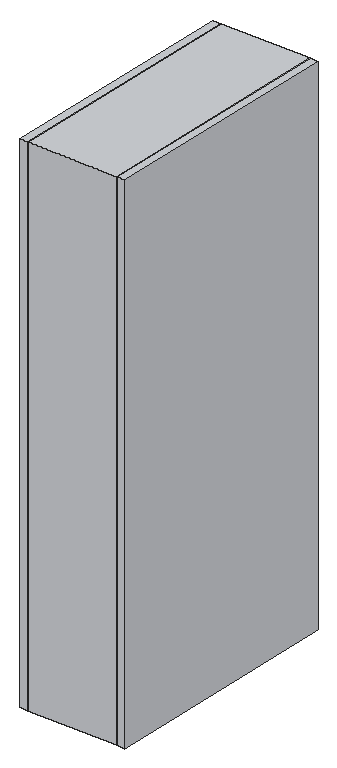
Revit family "WENGER 7-SHELF MUSIC LIBRARY (SINGE UNIT)", category Generic Models, Revit 2012
Parameters
  URL = "http://www.wengercorp.com/Home/Contact.html"
  Model = "7-SHELF"
  Manufacturer = "WENGER CORPORATION"
  Keynote = "WENGER MUSIC LIBRARY SYSTEM"
  HEIGHT = 7' - 8"
  ECP WIDTH = 0' - 1 1/2"
  ECP SPACING = 1' - 4"  # constant formula
  Description = "MUSIC LIBRARY SYSTEM"
Reference planes (in)
  plane 1 "Center (Front/Back)": y = 0
  plane 2: z = 0
  plane 3 "Center (Left/Right)": x = 0
  plane 4 "BACK": y = 21.75
  plane 5 "FRONT": y = -21.75
  plane 6 "LEFT ECP INSIDE": x = -8
  plane 7 "LEFT ECP OUTSIDE": x = -9.5
  plane 8 "RIGHT ECP INSIDE": x = 8
  plane 9 "RIGHT ECP OUTSIDE": x = 9.5
  plane 10: z = 92
Forms (in)
  Extrusion 1, solid
    sketch origin (0, 0, 0) x (1, 0, 0) y (0, 1, 0)
      loop
        line (-9.5, 21.75) -> (-9.5, -21.75) -> (-8, -21.75) -> (-8, 21.75) -> (-9.5, 21.75)
      loop
        line (8, 21.75) -> (8, -21.75) -> (9.5, -21.75) -> (9.5, 21.75) -> (8, 21.75)
    from 0 to 92
Dimensions and locks (in)
  "ECP WIDTH": plane 7 "LEFT ECP OUTSIDE" to plane 6 "LEFT ECP INSIDE"
  "ECP WIDTH": plane 8 "RIGHT ECP INSIDE" to plane 9 "RIGHT ECP OUTSIDE"
  equal spacing: plane 6 "LEFT ECP INSIDE", plane 3 "Center (Left/Right)", plane 8 "RIGHT ECP INSIDE"
  "ECP SPACING": plane 6 "LEFT ECP INSIDE" to plane 8 "RIGHT ECP INSIDE"
  equal spacing: plane 4 "BACK", plane 1 "Center (Front/Back)", plane 5 "FRONT", locked at 21.75 each
  locked: plane 4 "BACK" to plane 5 "FRONT" at 43.5
  "HEIGHT": plane 10 to plane 2
  aligned and locked: plane 2 to level
  aligned and locked: Extrusion 1 sketch curve to plane 4 "BACK"  (x2)
  aligned and locked: plane 7 "LEFT ECP OUTSIDE" to Extrusion 1 sketch curve
  aligned and locked: plane 5 "FRONT" to Extrusion 1 sketch curve  (x2)
  aligned and locked: Extrusion 1 sketch curve to plane 6 "LEFT ECP INSIDE"
  aligned and locked: plane 8 "RIGHT ECP INSIDE" to Extrusion 1 sketch curve
  aligned and locked: Extrusion 1 sketch curve to plane 9 "RIGHT ECP OUTSIDE"
  aligned and locked: Extrusion 1 to plane 2
  aligned and locked: plane 4 "BACK" to nested 1
  aligned and locked: plane 6 "LEFT ECP INSIDE" to nested 1
  aligned and locked: Extrusion 1 to nested 1
Nested families (in)
  nested 1: "7-SHELF, 1-UNIT" at (0, 0, 0), type "7-SHELF, 1-UNIT"
Definition of nested family "7-SHELF, 1-UNIT"
  Parameters (values of type "7-SHELF, 1-UNIT")
    HEIGHT = 7' - 8"
    Cabinet Label = Labels : 7-SHELF
  Reference planes (in)
    plane 1 "Center (Front/Back)": y = 0
    plane 2 "BOTTOM": z = 0
    plane 3 "Center (Left/Right)": x = 0
    plane 4 "RIGHT": x = 8
    plane 5 "LEFT": x = -8
    plane 6 "BACK": y = 21.75
    plane 7 "FRONT": y = -21.75
    plane 8 "OPEN POSITION": y = -58.24743
    plane 9 "TOP": z = 92
    plane 10: x = -3.5
    plane 11: x = 3.5
    plane 12 "FRONT DETAIL 1": z = 54
    plane 13 "FRONT DETAIL 2": z = 52.5
    plane 14 "FRONT DETAIL 3": z = 46
    plane 15: x = -1.5
    plane 16: x = 1.5
  Forms (in)
    Extrusion 1, solid
      sketch origin (0, 0, 0) x (1, 0, 0) y (0, 1, 0)
        loop
          line (-8, 21.75) -> (-8, -21.75) -> (8, -21.75) -> (8, 21.75) -> (-8, 21.75)
      from 0 to 92
  Lines and regions (in)
    model lines, style "GenericModelHiddenLines"
      curve 1: line (-8, -21.75, 0) -> (-8, -58.24743, 0)
      curve 2: line (-8, -58.24743, 0) -> (8, -58.24743, 0)
      curve 3: line (8, -58.24743, 0) -> (8, -21.75, 0)
    model lines, style "GenericModel"
      curve 4: line (-1.5, -21.75, 54) -> (1.5, -21.75, 54)
      curve 5: line (1.5, -21.75, 54) -> (1.5, -21.75, 52.5)
      curve 6: line (1.5, -21.75, 52.5) -> (-1.5, -21.75, 52.5)
      curve 7: line (-1.5, -21.75, 52.5) -> (-1.5, -21.75, 54)
      curve 8: line (-3.5, -21.75, 46) -> (3.5, -21.75, 46)
  Dimensions and locks (in)
    equal spacing: plane 5 "LEFT", plane 3 "Center (Left/Right)", plane 4 "RIGHT"
    locked: plane 5 "LEFT" to plane 4 "RIGHT" at 16
    equal spacing: plane 6 "BACK", plane 1 "Center (Front/Back)", plane 7 "FRONT"
    plane 6 "BACK" to plane 7 "FRONT" to plane 8 "OPEN POSITION" = 3' - 7 1/2" locked, 3' - 0.49743" locked
    "HEIGHT": plane 2 "BOTTOM" to plane 9 "TOP"
    plane 12 "FRONT DETAIL 1" to plane 13 "FRONT DETAIL 2" to plane 14 "FRONT DETAIL 3" to plane 2 "BOTTOM" = 0' - 1 1/2" locked, 0' - 6 1/2" locked, 3' - 10" locked
    plane 11 to plane 16 to plane 15 to plane 10 to plane 5 "LEFT" = 0' - 2" locked, 0' - 3" locked, 0' - 2" locked, 0' - 4 1/2" locked
    aligned and locked: plane 2 "BOTTOM" to level
    aligned and locked: Extrusion 1 sketch curve to plane 6 "BACK"
    aligned and locked: plane 5 "LEFT" to Extrusion 1 sketch curve
    aligned and locked: plane 7 "FRONT" to Extrusion 1 sketch curve
    aligned and locked: Extrusion 1 sketch curve to plane 4 "RIGHT"
    aligned and locked: Extrusion 1 to plane 2 "BOTTOM"
    aligned and locked: Extrusion 1 to plane 9 "TOP"
    aligned and locked: curve 1 to plane 5 "LEFT"
    aligned and locked: curve 2 to plane 8 "OPEN POSITION"
    aligned and locked: plane 4 "RIGHT" to curve 3
    aligned and locked: curve 8 to plane 14 "FRONT DETAIL 3"
    aligned and locked: plane 11 to curve 8
    aligned and locked: plane 10 to curve 8
    aligned and locked: plane 15 to curve 7
    aligned and locked: curve 5 to plane 16
    aligned and locked: curve 4 to plane 12 "FRONT DETAIL 1"
    aligned and locked: plane 13 "FRONT DETAIL 2" to curve 6
  Automatic sketch dimensions
    curve 3 to plane 7 "FRONT" = 0' - 0"
    curve 1 to plane 7 "FRONT" = 0' - 0"
  Nested families (in)
    nested 1: "Labels" at (0, 0, 0) x (0, 1, 0) z (0, 0, 1), type <- "Cabinet Label", type "7-SHELF"
  Definition of nested family "Labels"
    Parameters (values of type "6-SHELF")
      Cabinet Label = "6-SHELF"
    Types (2): name | Cabinet Label
      6-SHELF | "6-SHELF"
      7-SHELF | "7-SHELF"
    Reference planes (in)
      plane 1: y = 0
      plane 2: x = 0
    Text (in)
      label "xxxx" at (-0.00018, 0.00754, 0), shows "Cabinet Label"
